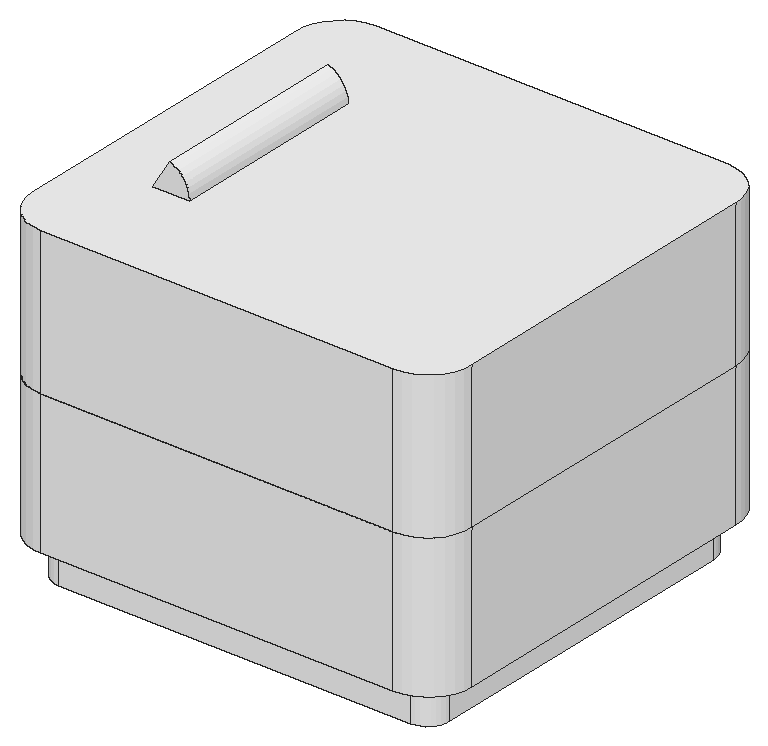
Revit family "Gira_044530", category Electrical Fixtures, host Face, Revit 2017
Family settings
  Host = Face
  Maintain Annotation Orientation = Yes
  Round Connector Dimension = Use Diameter
  Part Type = Normal
  Cut with Voids When Loaded = No
  Shared = No
  Room Calculation Point = No
Parameters (values of type "SCHUKO KD GN + BSF WG AP Grün")
  Überspannungsschutz = "No"
  Werkstoffgüte = "sonstige"
  Werkstoff = "sonstige"
  Verdrehter Zentraleinsatz = "No"
  URL = "http://katalog.gira.de/de_DE/datenblatt.html?artikelnr=044530"
  Transparent = "No"
  Textfeld/Beschriftungsfläche = "Yes"
  Sonderstromversorgung = "Sicherheitsversorgung (grün)"
  Schutzleiterkontakt rund = "No"
  Schutzkontakt = "Yes"
  Region = "DE"
  Oberfläche = "sonstige"
  Nennstrom = "16 Ampere"
  Nennspannung = "250 Volt"
  Name = "SCHUKO KD GN + BSF WG AP Grün"
  Montageart = "auf Putz"
  Mit erhöhtem Berührungsschutz = "No"
  Mit eingebauter USB-Spannungsversorgung = "No"
  Mit Signallampe = "No"
  Mit Orientierungsbeleuchtung = "No"
  Mit Klappdeckel = "Yes"
  Mit Funktionsbeleuchtung = "No"
  Mit Feinsicherung = "No"
  Mit Ein-/Ausschalter = "No"
  Mit Durchschleiffunktion = "No"
  Manufacturer URL = "https://www.gira.de/"
  Keynote = "IP44_Komplettgerät_Steckdose"
  Isolierter Einbau = "No"
  HeinzeBIM = "https://bimportal.heinze.de/bim/schuko-kd-gn-bsf-wg-ap-gruen/b266892a0027145a8d8e72ce9888c2292b04a8cd"
  Halogenfrei = "No"
  HAN = "044530"
  Geeignet für Schutzart (IP) = "IP44"
  GTIN = "4010337445302"
  Für "erschwerte Bedingungen" (nach VDE) = "No"
  Fehlerstromschutz = "No"
  Farbe = "grün"
  Default Elevation = 1219.2 mm
  Data sheet (1) = "https://katalog.gira.de/de_DE/download.html?artikelnr=044530"
  Category = "Steckdose"
  Befestigungsart = "Befestigung mit Schraube"
  Available = "Yes"
  Auswurfmechanismus = "No"
  Ausführung = "Schuko"
  Aufdruck/Kennzeichnung = "ohne Aufdruck"
  Anzahl der Steckdosen schaltbar = "0 "
  Anzahl der Module (bei Modulbauweise) = "1 "
  Anzahl der Einheiten = "1 "
  Antibakterielle Behandlung = "No"
  Anschlussart = "Steckklemme"
  Abschließbar = "No"
Reference planes
  plane 1 "Center (Front/Back)": y = 0
  plane 2: z = 0
  plane 3 "Center (Left/Right)": x = 0
Forms (mm)
  Extrusion 1, solid, material "White", detail levels fine
    sketch origin (41, 0, 0) x (1, 0, 0) y (0, 1, 0)
      loop
        line (-9, 38) -> (-73, 38)
        arc (-73, 38) -> (-78.657, 35.657) -> (-81, 30) r 8
        line (-81, 30) -> (-81, -30)
        arc (-81, -30) -> (-78.657, -35.657) -> (-73, -38) r 8
        line (-73, -38) -> (-9, -38)
        arc (-9, -38) -> (-3.343, -35.657) -> (-1, -30) r 8
        line (-1, -30) -> (-1, 30)
        arc (-1, 30) -> (-3.343, 35.657) -> (-9, 38) r 8
    from 0 to 26
  Extrusion 2, solid, material "White", detail levels fine
    sketch origin (41, 0, 0) x (1, 0, 0) y (0, 1, 0)
      loop
        line (-9, 38) -> (-73, 38)
        arc (-73, 38) -> (-78.657, 35.657) -> (-81, 30) r 8
        line (-81, 30) -> (-81, -30)
        arc (-81, -30) -> (-78.657, -35.657) -> (-73, -38) r 8
        line (-73, -38) -> (-9, -38)
        arc (-9, -38) -> (-3.343, -35.657) -> (-1, -30) r 8
        line (-1, -30) -> (-1, 30)
        arc (-1, 30) -> (-3.343, 35.657) -> (-9, 38) r 8
    from 26 to 52.5
  Extrusion 3, solid, material "White", detail levels fine
    sketch origin (41, 0, 0) x (1, 0, 0) y (0, 0, 1)
      loop
        line (-68.7, 52.5) -> (-62.067, 52.5)
        arc (-62.067, 52.5) -> (-63.019, 55.628) -> (-65.7, 57.5) r 5
        line (-65.7, 57.5) -> (-68.7, 52.5)
    from 18 to -18
  Extrusion 4, solid, material "White", detail levels medium
    sketch origin (41, -5.734, 0) x (1, 0, 0) y (0, 1, 0)
      loop
        line (-9, 43.734) -> (-73, 43.734)
        arc (-73, 43.734) -> (-78.657, 41.391) -> (-81, 35.734) r 8
        line (-81, 35.734) -> (-81, -24.266)
        arc (-81, -24.266) -> (-78.657, -29.923) -> (-73, -32.266) r 8
        line (-73, -32.266) -> (-9, -32.266)
        arc (-9, -32.266) -> (-3.343, -29.923) -> (-1, -24.266) r 8
        line (-1, -24.266) -> (-1, 35.734)
        arc (-1, 35.734) -> (-3.343, 41.391) -> (-9, 43.734) r 8
    from 0 to 52.5
  Extrusion 5, solid, material "White", detail levels medium
    sketch origin (41, 0, 0) x (1, 0, 0) y (0, 0, 1)
      loop
        line (-68.7, 57.5) -> (-68.7, 52.5) -> (-62.067, 52.5) -> (-62.067, 57.5) -> (-68.7, 57.5)
    from -18 to 18
  Extrusion 6, solid, material "White", detail levels coarse
    sketch origin (41, 0, 0) x (1, 0, 0) y (0, 1, 0)
      loop
        line (-1, 38) -> (-81, 38) -> (-81, -38) -> (-1, -38) -> (-1, 38)
    from -7 to 57.5
  Extrusion 7, solid, material "White", detail levels medium+fine
    sketch origin (41, 0, 0) x (1, 0, 0) y (0, 1, 0)
      loop
        line (-9, 34) -> (-73, 34)
        arc (-73, 34) -> (-75.828, 32.828) -> (-77, 30) r 4
        line (-77, 30) -> (-77, -30)
        arc (-77, -30) -> (-75.828, -32.828) -> (-73, -34) r 4
        line (-73, -34) -> (-9, -34)
        arc (-9, -34) -> (-6.172, -32.828) -> (-5, -30) r 4
        line (-5, -30) -> (-5, 30)
        arc (-5, 30) -> (-6.172, 32.828) -> (-9, 34) r 4
    from 0 to -7
Dimensions and locks
  Extrusion 6 to plane 3 "Center (Left/Right)" to Extrusion 6 = 40 mm, 40 mm
  aligned and locked: plane 2 to host face
  aligned and locked: level to host face
  aligned and locked: plane 3 "Center (Left/Right)" to nested 1
  aligned and locked: plane 1 "Center (Front/Back)" to nested 1
Nested families
  nested 1: "Steckdose 1-fach Beschriftung" at (0, 0, 0), type "Steckdose 1-fach Beschriftung"
Connectors
  electrical at (0, 0, -7)
    settings: on Extrusion 7, index 1, voltage 220 V, apparent load 0 VA, apparent load phase1 0 VA, apparent load phase2 0 VA, apparent load phase3 0 VA, power factor 1, load classification "Other", number of poles 1, system type 31, power factor state 1, is connector primary yes, connector utility no, sub classification motor no, connector description ""
Definition of nested family "Steckdose 1-fach Beschriftung"
  Reference planes
    plane 1: y = 0
    plane 2: x = 0
  Lines and regions (mm)
    detail lines
      curve 1: line (0, 0, 0) -> (0, 2, 0)
      curve 3: line (0, 2, 0) -> (-1, 2, 0)
      curve 4: arc (1, 3, 0) -> (0, 2, 0) -> (-1, 3, 0) r 1
      curve 5: line (0, 2, 0) -> (1, 2, 0)
    reference lines
      curve 2: line (-0.485, 3, 0) -> (2.315, 3, 0)
  Dimensions and locks
    curve 1 to curve 1 = 2 mm
    plane 1 to curve 2 = 3 mm
    curve 3 to curve 3 = 1 mm
